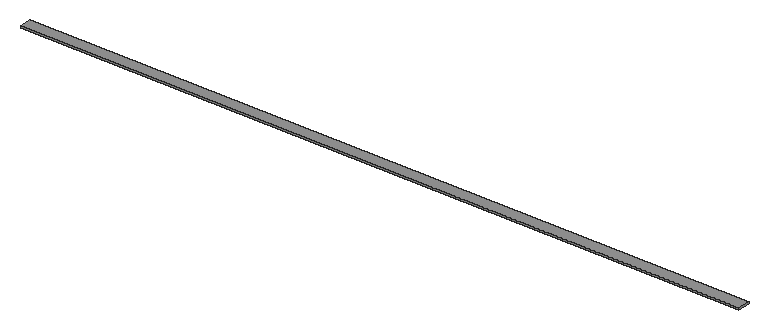
Revit family "0068125", category Lighting Fixtures, host Face, Revit 2017
Family settings
  Host = Face
  Round Connector Dimension = Use Diameter
  Part Type = Normal
  OmniClass Number = 23.80.70.00
  OmniClass Title = Lighting
  Cut with Voids When Loaded = No
  Light Source = Yes
  Shared = No
  Room Calculation Point = No
Parameters (values of type "0068125 START ECO FLEX IP20 RGB - 500 mm")
  Width_SYL = if(IP20HO_SYL, 10 mm, if(IP65_SYL, 12 mm, if(IP65HO_SYL, 10 mm, if(IP67_SYL, 10 mm, if(IP20RGB_SYL, 8 mm, if(IP20RGBW_SYL, 12 mm, if(IP67RGB_SYL, 12 mm, if(IP67RGBW_SYL, 14 mm, 8 mm))))))))  # 8 mm
  Weight = "2.0 kg"
  Wattage Comments = ""
  Wattage = 60 W
  WarrantyStartDate [instance] = "n/a"
  WarrantyGuarantorParts = "n/a"
  WarrantyDurationUnit = "n/a"
  WarrantyDurationParts = "n/a"
  WarrantyDescription = "n/a"
  built-in parameter 1150110 = 1 (stored number, unit not read)
  Voltage = 24 V
  URL = "http://www.sylvania-lighting.com"
  TypeName = "START ECO FLEX IP20 RGB - 500 mm"
  Type Image = <None>
  Type Comments = "n/a"
  built-in parameter 1114217 = 1 (stored number, unit not read)
  Tilt Angle = -90.00°
  built-in parameter 1150109 = 1 (stored number, unit not read)
  built-in parameter 1150134 = (empty or 0)
  built-in parameter 1150113 = 1 (stored number, unit not read)
  StartCapWidth_SYL = if(IP20HO_SYL, 2 mm, if(IP65_SYL, 14 mm, if(IP65HO_SYL, 12 mm, if(IP67_SYL, 17.5 mm, if(IP20RGB_SYL, 2 mm, if(IP20RGBW_SYL, 2 mm, if(IP67RGB_SYL, 14 mm, if(IP67RGBW_SYL, 16 mm, 2 mm))))))))  # 2 mm
  StartCapVisible_SYL [instance] = no
  StartCapLength_SYL = if(IP20HO_SYL, 2 mm, if(IP65_SYL, 10 mm, if(IP65HO_SYL, 15 mm, if(IP67_SYL, 35 mm, if(IP20RGB_SYL, 2 mm, if(IP20RGBW_SYL, 2 mm, if(IP67RGB_SYL, 12 mm, if(IP67RGBW_SYL, 12 mm, 2 mm))))))))  # 2 mm
  StartCapHeight_SYL = if(IP20HO_SYL, 2 mm, if(IP65_SYL, 6 mm, if(IP65HO_SYL, 6 mm, if(IP67_SYL, 9.5 mm, if(IP20RGB_SYL, 2 mm, if(IP20RGBW_SYL, 2 mm, if(IP67RGB_SYL, 7 mm, if(IP67RGBW_SYL, 7 mm, 2 mm))))))))  # 2 mm
  SerialNumber [instance] = "n/a"
  SealingVisibility_SYL = no
  IP67_SYL = no
  IP67RGB_SYL = no
  IP67RGBW_SYL = no
  IP65_SYL = no
  IP65HO_SYL = no
  IP20RGB_SYL = yes
  IP20RGBW_SYL = no
  IP20HO_SYL = no
  HeightWithSealing_SYL = if(IP20HO_SYL, 2 mm, if(IP65_SYL, 4 mm, if(IP65HO_SYL, 4 mm, if(IP67_SYL, 6 mm, if(IP20RGB_SYL, 2 mm, if(IP20RGBW_SYL, 2 mm, if(IP67RGB_SYL, 5 mm, if(IP67RGBW_SYL, 5 mm, 2 mm))))))))  # 2 mm
  Photometric Web File = "0068125.ies"
  Material_3_SYL = ABS Plastic
  PowerFactor = 0
  PowerConsumption = "60 W"
  NominalLength = 5000 mm
  NominalHeight = 2 mm
  NominalDepth = 10 mm
  Name = "START ECO FLEX IP20 RGB - 500 mm"
  ModelReference = Name  # "START ECO FLEX IP20 RGB - 500 mm"
  ModelNumber = "0068125"
  Model = Name  # "START ECO FLEX IP20 RGB - 500 mm"
  Material = "none diffuser"
  ManufacturerName = "Feilo Sylvania"
  Manufacturer = "Feilo Sylvania"
  LuminousEfficacy = "32 lm/W"
  built-in parameter 1150105 = 573.32 (stored number, unit not read)
  Lumens = 1920 lm
  LuminaireType = ""
  built-in parameter 1150115 = 1 (stored number, unit not read)
  LightOutputRatio = "n/a"
  built-in parameter 1150137 = (empty or 0)
  built-in parameter 1150139 = (empty or 0)
  Length_SYL = 500 mm
  LampsType = Lamp  # "LED"
  LampNominalLuminous = "1900 lm"
  LampMacAdamStep = "n/a"
  LampColourTemperature = "15000 K"
  LampColourRenderingIndex = "30"
  built-in parameter 1150112 = 1 (stored number, unit not read)
  built-in parameter 1150114 = 1 (stored number, unit not read)
  Lamp = "LED"
  Keynote = "16500"
  InstallationDate [instance] = "n/a"
  InputVoltage = "24V DC"
  InputNominalFrequency = "n/a"
  built-in parameter 1150132 = (empty or 0)
  built-in parameter 1150102 = (empty or 0)
  built-in parameter 1150107 = 15000 (stored number, unit not read)
  built-in parameter 1150138 = (empty or 0)
  IngressProtection = "IP20"
  ImpactProtectionIndex = "IK00"
  built-in parameter 1150106 = 5.7332 (stored number, unit not read)
  IfcExportType = "IfcLightFixtureType"
  IfcExportAs = "IfcLightFixtureType"
  EndCapWidth_SYL = if(IP20HO_SYL, 2 mm, if(IP65_SYL, 14 mm, if(IP65HO_SYL, 12 mm, if(IP67_SYL, 17.5 mm, if(IP20RGB_SYL, 2 mm, if(IP20RGBW_SYL, 2 mm, if(IP67RGB_SYL, 14 mm, if(IP67RGBW_SYL, 16 mm, 2 mm))))))))  # 2 mm
  EndCapVisible_SYL [instance] = no
  EndCapLength_SYL = if(IP20HO_SYL, 2 mm, if(IP65_SYL, 10 mm, if(IP65HO_SYL, 10 mm, if(IP67_SYL, 15 mm, if(IP20RGB_SYL, 2 mm, if(IP20RGBW_SYL, 2 mm, if(IP67RGB_SYL, 10 mm, if(IP67RGBW_SYL, 10 mm, 2 mm))))))))  # 2 mm
  EndCapHeight_SYL = if(IP20HO_SYL, 2 mm, if(IP65_SYL, 6 mm, if(IP65HO_SYL, 6 mm, if(IP67_SYL, 9.5 mm, if(IP20RGB_SYL, 2 mm, if(IP20RGBW_SYL, 2 mm, if(IP67RGB_SYL, 7 mm, if(IP67RGBW_SYL, 7 mm, 2 mm))))))))  # 2 mm
  EmitSurfaceOffset_SYL = 1 mm  # constant formula
  EmitSurfaceHeight_SYL = if(IP20HO_SYL, 1.2 mm, if(IP65_SYL, 4 mm, if(IP65HO_SYL, 4 mm, if(IP67_SYL, 6 mm, if(IP20RGB_SYL, 1.2 mm, if(IP20RGBW_SYL, 1.2 mm, if(IP67RGB_SYL, 5 mm, if(IP67RGBW_SYL, 5 mm, 1.2 mm))))))))  # 1.2 mm
  Emit from Rectangle Width = if(IP20HO_SYL, 3.5 mm, if(IP65_SYL, 12 mm, if(IP65HO_SYL, 10 mm, if(IP67_SYL, 10 mm, if(IP20RGB_SYL, 5 mm, if(IP20RGBW_SYL, 5 mm, if(IP67RGB_SYL, 12 mm, if(IP67RGBW_SYL, 14 mm, 3.5 mm))))))))  # 5 mm
  Emit from Rectangle Length = Length_SYL - 2 * EmitSurfaceOffset_SYL  # 498 mm
  Emit Shape Visible in Rendering = no
  ElectricShockClassification = "Class III"
  built-in parameter 1150104 = 2.9729 (stored number, unit not read)
  DocumentationLiterature = "http://www.sylvania-lighting.com/product/en-int/products/0068125"
  DimmingControlOptions = "n/a"
  Material_2_SYL = LED
  Dimming Lamp Color Temperature Shift = <None>
  Description = "5 metre IP20 LED reel with pre-attached 3M adhesive type;  equipped with 600 LEDs; 24V; RGB; CRI80; 30000 hrs (L70)"
  Default Elevation = 1219.2 mm
  CreatedOn = "9/11/2019"
  CreatedBy = "@sylvania-lighting.com"
  Cost = 0
  Color Filter = 16777215
  built-in parameter 1114216 [instance] = (empty or 0)
  ClassificationValue = "EF_70_80"
  ClassificationName = "Uniclass2015"
  Material_1_SYL = Aluminum
  BarCode [instance] = "n/a"
  built-in parameter 1114218 = 1 (stored number, unit not read)
  built-in parameter 1150133 = 10 (stored number, unit not read)
  AssetType = "Fixed"
  AssetIdentifier [instance] = "n/a"
  Assembly Code = "D5020200"
  Apparent Load = 60 VA
  Material_4_SYL = Polycarbonate, Clear
Types (4, lengths in mm): name | TypeName | StartCapVisible_SYL | Name | ModelReference | Model | Length_SYL | EndCapVisible_SYL | Emit from Rectangle Length
  0068125 START ECO FLEX IP20 RGB - 500 mm | "START ECO FLEX IP20 RGB - 500 mm" | no | "START ECO FLEX IP20 RGB - 500 mm" | "START ECO FLEX IP20 RGB - 500 mm" | "START ECO FLEX IP20 RGB - 500 mm" | 500 | no | 498
  0068125 START ECO FLEX IP20 RGB - 100 mm | "START ECO FLEX IP20 RGB - 100 mm" | no | "START ECO FLEX IP20 RGB - 100 mm" | "START ECO FLEX IP20 RGB - 100 mm" | "START ECO FLEX IP20 RGB - 100 mm" | 100 | no | 98
  0068125 START ECO FLEX IP20 RGB - 50 mm | "START ECO FLEX IP20 RGB - 50 mm" | yes | "START ECO FLEX IP20 RGB - 50 mm" | "START ECO FLEX IP20 RGB - 50 mm" | "START ECO FLEX IP20 RGB - 50 mm" | 50 | yes | 48
  0068125 START ECO FLEX IP20 RGB - 10 mm | "START ECO FLEX IP20 RGB - 10 mm" | yes | "START ECO FLEX IP20 RGB - 10 mm" | "START ECO FLEX IP20 RGB - 10 mm" | "START ECO FLEX IP20 RGB - 10 mm" | 10 | yes | 8
Reference planes
  plane 1 "Center (Front/Back)": y = 0
  plane 2: z = 0
  plane 3 "Center (Left/Right)": x = 0
  plane 4: y = 4
  plane 5: y = -4
  plane 6: z = 1.2
  plane 7: x = 500
  plane 8: x = 250
  plane 9: x = 1
  plane 10: x = 499
  plane 11: y = 1.8
  plane 12: y = -1.8
  plane 13: y = 1
  plane 14: y = -1
  plane 15: x = -2
  plane 16: x = 502
  plane 17: y = 1
  plane 18: y = -1
  plane 19: z = 1.2
  plane 20: z = 2
  plane 21: z = 0.6
  plane 22: z = -0.4
  plane 23: z = 1.6
  plane 24: z = 1.6
  plane 25: z = -0.4
Forms (mm)
  Extrusion 1, solid, material "Aluminum" <- "Material_1_SYL"
    sketch origin (0, 0, 0) x (0, 1, 0) y (0, 0, 1)
      loop
        line (-4, 1.2) -> (-4, 0) -> (4, 0) -> (4, 1.2) -> (-4, 1.2)
    from 0 to 500
  Extrusion 2, solid, material "Polycarbonate, Clear" <- "Material_4_SYL", visible <- "SealingVisibility_SYL"
    sketch origin (0, 0, 0) x (0, 1, 0) y (0, 0, 1)
      loop
        line (-4, 1.2) -> (4, 1.2) -> (4, 2) -> (-4, 2) -> (-4, 1.2)
    from 0 to 500
  Extrusion 3, solid, visible <- "StartCapVisible_SYL"
    sketch origin (0, 0, 0) x (0, 1, 0) y (0, 0, 1)
      loop
        line (-1, -0.4) -> (1, -0.4) -> (1, 1.6) -> (-1, 1.6) -> (-1, -0.4)
    from 0 to -2
  Extrusion 4, solid, visible <- "EndCapVisible_SYL"
    sketch origin (500, 1524, 1219.2) x (0, 1, 0) y (0, 0, 1)
      loop
        line (-1523, -1219.6) -> (-1523, -1217.6) -> (-1525, -1217.6) -> (-1525, -1219.6) -> (-1523, -1219.6)
    from 0 to 2
Lines and regions (mm)
  Split face 1
    outline origin (0, -4, 1.2) x (0, 1, 0) y (-1, 0, 0)
      loop
        line (5.8, -1) -> (2.2, -1) -> (2.2, -499) -> (5.8, -499) -> (5.8, -1)
  reference lines
    curve 1: line (1, 1.8, 0) -> (499, 1.8, 0)
    curve 2: line (1, -1.8, 0) -> (1, 1.8, 0)
    curve 3: line (499, -1.8, 0) -> (1, -1.8, 0)
    curve 4: line (499, 1.8, 0) -> (499, -1.8, 0)
Dimensions and locks
  equal spacing: plane 5, plane 1 "Center (Front/Back)", plane 4
  "Width_SYL": plane 5 to plane 4
  "Length_SYL": plane 3 "Center (Left/Right)" to plane 7
  "EmitSurfaceOffset_SYL": plane 3 "Center (Left/Right)" to plane 9
  equal spacing: plane 9, plane 8, plane 10
  "EmitSurfaceOffset_SYL": plane 10 to plane 7
  equal spacing: plane 12, plane 1 "Center (Front/Back)", plane 11
  locked: plane 12 to plane 11 at 3.6
  equal spacing: plane 14, plane 1 "Center (Front/Back)", plane 13
  "StartCapWidth_SYL": plane 14 to plane 13
  "StartCapLength_SYL": plane 15 to plane 3 "Center (Left/Right)"
  equal spacing: plane 18, plane 1 "Center (Front/Back)", plane 17
  "EndCapWidth_SYL": plane 18 to plane 17
  "EndCapLength_SYL": plane 7 to plane 16
  "EmitSurfaceHeight_SYL": plane 19 to plane 2
  "HeightWithSealing_SYL": host face to plane 20
  equal spacing: plane 2, plane 21, plane 19
  equal spacing: plane 22, plane 21, plane 23
  "EndCapHeight_SYL": plane 22 to plane 23
  equal spacing: plane 25, plane 21, plane 24
  "StartCapHeight_SYL": plane 25 to plane 24
  aligned and locked: plane 2 to host face
  aligned and locked: level to host face
  aligned and locked: plane 6 to Extrusion 1 sketch curve
  aligned and locked: Extrusion 1 sketch curve to plane 5
  aligned and locked: level to Extrusion 1 sketch curve
  aligned and locked: plane 4 to Extrusion 1 sketch curve
  aligned and locked: plane 7 to Extrusion 1
  aligned and locked: imposter light to plane 1 "Center (Front/Back)"
  aligned and locked: plane 8 to imposter light
  aligned and locked: plane 11 to curve 1
  aligned and locked: plane 9 to curve 2
  aligned and locked: curve 3 to plane 12
  aligned and locked: curve 4 to plane 10
  aligned and locked: Split face 1 sketch curve to curve 1
  aligned and locked: Split face 1 sketch curve to curve 4
  aligned and locked: Split face 1 sketch curve to curve 3
  aligned and locked: Split face 1 sketch curve to curve 2
  aligned and locked: imposter light to plane 19
  aligned and locked: Extrusion 2 sketch curve to Extrusion 1  (x2)
  aligned and locked: Extrusion 2 sketch curve to plane 20
  aligned and locked: Extrusion 2 sketch curve to plane 4
  aligned and locked: Extrusion 2 to plane 3 "Center (Left/Right)"
  aligned and locked: plane 7 to Extrusion 2
  aligned and locked: plane 22 to Extrusion 3 sketch curve
  aligned and locked: plane 14 to Extrusion 3 sketch curve
  aligned and locked: Extrusion 3 sketch curve to plane 23
  aligned and locked: Extrusion 3 sketch curve to plane 13
  aligned and locked: Extrusion 3 to plane 15
  aligned and locked: plane 3 "Center (Left/Right)" to Extrusion 3
  aligned and locked: plane 13 to Extrusion 4 sketch curve
  aligned and locked: plane 23 to Extrusion 4 sketch curve
  aligned and locked: Extrusion 4 sketch curve to plane 18
  aligned and locked: Extrusion 4 sketch curve to plane 25
  aligned and locked: plane 16 to Extrusion 4
  aligned and locked: Extrusion 4 to plane 7
Automatic sketch dimensions
  host sketch curve to host sketch curve = 600 mm
  host sketch curve to host sketch curve = 100 mm
Connectors
  electrical at (0, 0, 0.6), driven by "Voltage", driven by "Apparent Load", driven by "PowerFactor"
    settings: on Extrusion 1, index 1, voltage 24 V, apparent load 60 VA, apparent load phase1 0 VA, apparent load phase2 0 VA, apparent load phase3 0 VA, power factor 0, load classification "Other", number of poles 1, system type 30, power factor state 1, is connector primary yes, connector utility no, sub classification motor no, connector description ""
